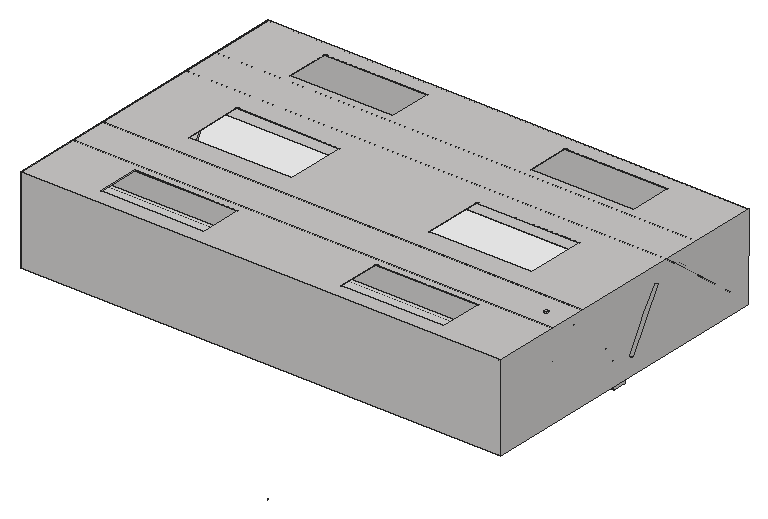
Revit family "QF_ELECTROLUXPROFESSIONAL_640236_STCF1828", category Specialty Equipment, Revit 2014
Reference planes
  plane 1: z = 0
  plane 2 "Center (Left/Right)": x = 150
  plane 3 "LEFT": x = -1250
  plane 4 "RIGHT": x = 1550
  plane 5 "BACK": y = 550
  plane 6 "TOP": z = 2500
  plane 7 "Base": z = 2000
  plane 8: z = 1955
  plane 9: x = -1247
  plane 10 "DrainX": x = 1430
  plane 11 "AOLeft2": x = -250
  plane 12 "AORight1": x = 550
  plane 13: x = 1547
  plane 14: x = -1050
  plane 15: x = 1350
  plane 16 "Center (Front/Back)": y = -350
  plane 17 "Front": y = -1250
  plane 18 "AOLeft1": x = -850
  plane 19 "AORight2": x = 1150
  plane 20 "EI_y": y = -770
  plane 21 "EIx": x = 1430
  plane 22: y = 464
  plane 23: y = 214
  plane 24: y = -1164
  plane 25: y = -914
  plane 26: y = -175
  plane 27: y = -525
Forms (mm)
  Extrusion 1, solid, material "QF_Finishes_Stainless Steel"
    sketch origin (-1250, 0, 360) x (0, 1, 0) y (0, 0, 1)
      loop
        line (550, 1640) -> (550, 2140) -> (-1250, 2140) -> (-1250, 1640) -> (550, 1640)
    from 0 to 3
  Extrusion 2, solid, material "QF_Finishes_Stainless Steel"
    sketch origin (1550, 0, 360) x (0, 1, 0) y (0, 0, 1)
      loop
        line (550, 1640) -> (550, 2140) -> (-1250, 2140) -> (-1250, 1640) -> (550, 1640)
    from 0 to -3
  Extrusion 3, solid, material "QF_Finishes_Stainless Steel"
    sketch origin (150, 0, 360) x (0, 1, 0) y (0, 0, 1)
      loop
        line (-1250, 2140) -> (-1250, 1640) -> (-1240, 1640) -> (-1240, 1640.8) -> (-1249.2, 1640.8) -> (-1249.2, 2139.19) -> (549.2, 2139.19) -> (549.2, 1640.8) -> (540, 1640.8) -> (540, 1640) -> (550, 1640) -> (550, 2140) -> (-1250, 2140)
    from -1400 to 1400
  Extrusion 4, solid, material "QF_Finishes_Stainless Steel"
    sketch origin (0, -840, 2000) x (0, 1, 0) y (-1, 0, 0)
      loop
        circle (490, -1430) r 4.763
    from -30 to 0
  Extrusion 5, void
    sketch origin (0, 0, 2500) x (0, 1, 0) y (-1, 0, 0)
      loop
        line (-1164, 250) -> (-914, 250) -> (-914, 850) -> (-1164, 850) -> (-1164, 250)
    from 0 to -10
  Extrusion 6, solid, material "QF_Finishes_Stainless Steel"
    sketch origin (0, 0, 0) x (1, 0, 0) y (0, 1, 0)
      loop
        line (-1250, 550) -> (-1250, 549) -> (-1249, 549) -> (-1249, 550) -> (-1250, 550)
    from 0 to 1
  Sweep 7, solid, material "QF_Finishes_Stainless Steel"
    path origin (0, 0, 0) x (1, 0, 0) y (0, 1, 0)
      loop
        line (1550, 550) -> (-1250, 550) -> (-1250, -1250) -> (1550, -1250) -> (1550, 550)
    profile origin (1550, -350, 0) x (1, 0, 0) y (0, 0, 1)
      loop
        line (-3, 2000) -> (-3, 2000.8) -> (-19, 2000.8) -> (-19, 2010) -> (-20, 2010) -> (-20, 2000) -> (-3, 2000)
  Extrusion 8, solid, material "QF_Finishes_Stainless Steel"
    sketch origin (150, -826.94, 0) x (0, 1, 0) y (0, 0, 1)
      loop
        line (414.66, 2095.469) -> (440.643, 2110.471) -> (261.744, 2411.771) -> (235.948, 2396.455) -> (414.66, 2095.469)
    from -1397 to -1200
  Extrusion 9, void
    sketch origin (1134.605, 0, 2500) x (0, 1, 0) y (-1, 0, 0)
      loop
        line (-1164, -15.395) -> (-914, -15.395) -> (-914, 584.605) -> (-1164, 584.605) -> (-1164, -15.395)
    from 0 to -10
  Extrusion 10, solid, material "QF_Finishes_Stainless Steel"
    sketch origin (1430, -840, 0) x (0, 1, 0) y (0, 0, 1)
      loop
        line (539, 2000) -> (441, 2000) -> (441, 1989) -> (448.5, 1989) -> (448.5, 1965)
        arc (448.5, 1965) -> (451.429, 1957.929) -> (458.5, 1955) r 10
        line (458.5, 1955) -> (521.5, 1955)
        arc (521.5, 1955) -> (528.571, 1957.929) -> (531.5, 1965) r 10
        line (531.5, 1965) -> (531.5, 1989) -> (539, 1989) -> (539, 2000)
    from 90 to -90
  Extrusion 11, solid, material "QF_Finishes_Stainless Steel"
    sketch origin (150, -826.94, 0) x (0, 1, 0) y (0, 0, 1)
      loop
        line (414.66, 2095.469) -> (440.643, 2110.471) -> (261.744, 2411.771) -> (235.948, 2396.455) -> (414.66, 2095.469)
    from 1200 to 1397
  Extrusion 12, solid, material "QF_Finished_Chrome"
    sketch origin (150, -826.94, 0) x (0, 1, 0) y (0, 0, 1)
      loop
        line (414.66, 2095.469) -> (440.643, 2110.471) -> (261.744, 2411.771) -> (235.948, 2396.455) -> (414.66, 2095.469)
    from -1200 to 1200
  Extrusion 13, void
    sketch origin (0, 1180, 2500) x (0, 1, 0) y (-1, 0, 0)
      loop
        line (-1355, 250) -> (-1355, 850) -> (-1705, 850) -> (-1705, 250) -> (-1355, 250)
    from 0 to -10
  Extrusion 14, void
    sketch origin (1600, 1180, 2500) x (0, 1, 0) y (-1, 0, 0)
      loop
        line (-1355, 450) -> (-1355, 1050) -> (-1705, 1050) -> (-1705, 450) -> (-1355, 450)
    from 0 to -10
  Extrusion 15, solid, material "QF_Finishes_Stainless Steel"
    sketch origin (0, 0, 2500) x (0, 1, 0) y (-1, 0, 0)
      loop
        circle (-770, -1430) r 10
    from 0 to 1.6
  Extrusion 16, solid, material "QF_Finishes_Stainless Steel"
    sketch origin (150, -826.94, 360) x (0, 1, 0) y (0, 0, 1)
      loop
        line (430.005, 1640) -> (476.94, 1640) -> (476.94, 1640.8) -> (430.467, 1640.8) -> (371.906, 1742.23) -> (414.858, 1734.657) -> (442.266, 1750.481) -> (442.266, 1765.943) -> (441.466, 1765.943) -> (441.466, 1750.943) -> (414.709, 1735.495) -> (321.153, 1751.991) -> (320.875, 1750.416) -> (371.4, 1741.507) -> (430.005, 1640)
      loop
        line (172.529, 2139.19) -> (242.893, 2017.316) -> (245.133, 2018.715) -> (240.13, 2027.381) -> (238.569, 2026.405) -> (173.453, 2139.19) -> (172.529, 2139.19)
    from -1397 to 1397
  Extrusion 17, solid, material "QF_LAMPS"
    sketch origin (150, 0, 360) x (0, 1, 0) y (0, 0, 1)
      loop
        line (-872.823, 1962.324) -> (-718.948, 2086.929) -> (-727.129, 2097.032) -> (-881.003, 1972.426) -> (-872.823, 1962.324)
    from 1397 to -1397
  Extrusion 18, solid, material "QF_Finishes_Stainless Steel"
    sketch origin (150, 0, 360) x (0, 1, 0) y (0, 0, 1)
      loop
        line (-1250, 2139.19) -> (-1250, 1640) -> (-1186.602, 1640) -> (-1099.146, 1690.493) -> (-1110.058, 1709.394) -> (-1166.564, 1676.77) -> (-1214.704, 1680.982) -> (-1249.2, 1730.248) -> (-1249.2, 2139.19) -> (-1250, 2139.19)
      loop
        line (-873.6, 1961.694) -> (-881.937, 1971.99) -> (-869.095, 1982.182) -> (-869.095, 2139.19) -> (-869.895, 2139.19) -> (-869.895, 1982.569) -> (-1182.298, 1734.63) -> (-1171.091, 1720.79) -> (-873.6, 1961.694)
      loop
        line (-727.61, 2099.216) -> (-718.171, 2087.559) -> (-654.411, 2139.19) -> (-655.682, 2139.19) -> (-718.052, 2088.684) -> (-726.989, 2099.719) -> (-727.61, 2099.216)
    from -1397 to 1397
  Extrusion 19, solid, material "QF_Finishes_Stainless Steel"
    sketch origin (150, 126.94, 360) x (0, -1, 0) y (0, 0, -1)
      loop
        line (430.005, -1640) -> (371.4, -1741.507) -> (320.875, -1750.416) -> (321.153, -1751.991) -> (414.709, -1735.495) -> (441.466, -1750.943) -> (441.466, -1765.943) -> (442.266, -1765.943) -> (442.266, -1750.481) -> (414.858, -1734.657) -> (371.906, -1742.23) -> (430.467, -1640.8) -> (476.94, -1640.8) -> (476.94, -1640) -> (430.005, -1640)
      loop
        line (172.529, -2139.19) -> (173.453, -2139.19) -> (238.569, -2026.405) -> (240.13, -2027.381) -> (245.133, -2018.715) -> (242.893, -2017.316) -> (172.529, -2139.19)
    from -1397 to 1397
  Extrusion 20, solid, material "QF_LAMPS"
    sketch origin (150, -700, 360) x (0, -1, 0) y (0, 0, -1)
      loop
        line (-872.823, -1962.324) -> (-881.003, -1972.426) -> (-727.129, -2097.032) -> (-718.948, -2086.929) -> (-872.823, -1962.324)
    from 1397 to -1397
  Extrusion 21, solid, material "QF_Finishes_Stainless Steel"
    sketch origin (150, -700, 360) x (0, -1, 0) y (0, 0, -1)
      loop
        line (-1250, -2139.19) -> (-1249.2, -2139.19) -> (-1249.2, -1730.248) -> (-1214.704, -1680.982) -> (-1166.564, -1676.77) -> (-1110.058, -1709.394) -> (-1099.146, -1690.493) -> (-1186.602, -1640) -> (-1250, -1640) -> (-1250, -2139.19)
      loop
        line (-873.6, -1961.694) -> (-1171.091, -1720.79) -> (-1182.298, -1734.63) -> (-869.895, -1982.569) -> (-869.895, -2139.19) -> (-869.095, -2139.19) -> (-869.095, -1982.182) -> (-881.937, -1971.99) -> (-873.6, -1961.694)
      loop
        line (-727.61, -2099.216) -> (-726.989, -2099.719) -> (-718.052, -2088.684) -> (-655.682, -2139.19) -> (-654.411, -2139.19) -> (-718.171, -2087.559) -> (-727.61, -2099.216)
    from -1397 to 1397
  Extrusion 22, solid, material "QF_Finishes_Stainless Steel"
    sketch origin (150, 126.94, 0) x (0, -1, 0) y (0, 0, -1)
      loop
        line (414.66, -2095.469) -> (235.948, -2396.455) -> (261.744, -2411.771) -> (440.643, -2110.471) -> (414.66, -2095.469)
    from -1397 to -1400
  Extrusion 23, solid, material "QF_Finishes_Stainless Steel"
    sketch origin (150, 126.94, 0) x (0, -1, 0) y (0, 0, -1)
      loop
        line (414.66, -2095.469) -> (235.948, -2396.455) -> (261.744, -2411.771) -> (440.643, -2110.471) -> (414.66, -2095.469)
    from 1400 to 1397
  Extrusion 24, solid, material "QF_Finished_Chrome"
    sketch origin (150, 126.94, 0) x (0, -1, 0) y (0, 0, -1)
      loop
        line (414.66, -2095.469) -> (235.948, -2396.455) -> (261.744, -2411.771) -> (440.643, -2110.471) -> (414.66, -2095.469)
    from -1200 to 1200
  Extrusion 25, void
    sketch origin (0, 814, 2500) x (0, 1, 0) y (-1, 0, 0)
      loop
        line (-600, 250) -> (-350, 250) -> (-350, 850) -> (-600, 850) -> (-600, 250)
    from 0 to -10
  Extrusion 26, void
    sketch origin (1134.605, 814, 2500) x (0, 1, 0) y (-1, 0, 0)
      loop
        line (-600, -15.395) -> (-350, -15.395) -> (-350, 584.605) -> (-600, 584.605) -> (-600, -15.395)
    from 0 to -10
  Extrusion 27, solid, material "QF_Finishes_Stainless Steel"
    sketch origin (150, 126.94, 0) x (0, -1, 0) y (0, 0, -1)
      loop
        line (414.66, -2095.469) -> (235.948, -2396.455) -> (261.744, -2411.771) -> (440.643, -2110.471) -> (414.66, -2095.469)
    from -1397 to -1200
  Extrusion 28, solid, material "QF_Finishes_Stainless Steel"
    sketch origin (150, 126.94, 0) x (0, -1, 0) y (0, 0, -1)
      loop
        line (414.66, -2095.469) -> (235.948, -2396.455) -> (261.744, -2411.771) -> (440.643, -2110.471) -> (414.66, -2095.469)
    from 1397 to 1200
Cuts and joins
  Extrusion 5, Extrusion 9, Extrusion 13, Extrusion 14, Extrusion 25, Extrusion 26 cuts Extrusion 3
  joined: Extrusion 2, Extrusion 3, Sweep 7
Lines and regions (mm)
  symbolic lines, style "SpecialityEquipment", detail levels coarse
    curve 1: line (1550, 550, 2500) -> (-1250, 550, 2500)
    curve 2: line (-1250, 550, 2500) -> (-1250, -1250, 2500)
    curve 3: line (1550, -1250, 2500) -> (1550, 550, 2500)
    curve 4: line (-1250, 550, 0) -> (1550, -1250, 0)
    curve 5: line (1550, 550, 0) -> (-1250, -1250, 0)
    curve 6: line (-1250, -1250, 0) -> (1550, -1250, 0)
  symbolic lines, detail levels coarse
    curve 7: line (-850, 464, 2500) -> (-250, 464, 2500)
    curve 8: line (-850, 214, 2500) -> (-850, 464, 2500)
    curve 9: line (-250, 214, 2500) -> (-850, 214, 2500)
    curve 10: line (-250, 464, 2500) -> (-250, 214, 2500)
    curve 11: line (550, 464, 2500) -> (1150, 464, 2500)
    curve 12: line (550, 214, 2500) -> (550, 464, 2500)
    curve 13: line (1150, 214, 2500) -> (550, 214, 2500)
    curve 14: line (1150, 464, 2500) -> (1150, 214, 2500)
    curve 15: line (550, -175, 2500) -> (1150, -175, 2500)
    curve 16: line (550, -525, 2500) -> (550, -175, 2500)
    curve 17: line (1150, -525, 2500) -> (550, -525, 2500)
    curve 18: line (1150, -175, 2500) -> (1150, -525, 2500)
    curve 19: line (550, -914, 2500) -> (1150, -914, 2500)
    curve 20: line (550, -1164, 2500) -> (550, -914, 2500)
    curve 21: line (1150, -1164, 2500) -> (550, -1164, 2500)
    curve 22: line (1150, -914, 2500) -> (1150, -1164, 2500)
    curve 23: line (-850, -914, 2500) -> (-250, -914, 2500)
    curve 24: line (-850, -1164, 2500) -> (-850, -914, 2500)
    curve 25: line (-250, -1164, 2500) -> (-850, -1164, 2500)
    curve 26: line (-250, -914, 2500) -> (-250, -1164, 2500)
    curve 27: line (-850, -175, 2500) -> (-250, -175, 2500)
    curve 28: line (-850, -525, 2500) -> (-850, -175, 2500)
    curve 29: line (-250, -525, 2500) -> (-850, -525, 2500)
    curve 30: line (-250, -175, 2500) -> (-250, -525, 2500)
Dimensions and locks
  plane 3 "LEFT" to plane 4 "RIGHT" = 2800 mm
  equal spacing: plane 3 "LEFT", plane 2 "Center (Left/Right)", plane 4 "RIGHT"
  plane 7 "Base" to plane 8 = 45 mm
  plane 3 "LEFT" to plane 9 = 3 mm
  plane 10 "DrainX" to plane 4 "RIGHT" = 120 mm
  plane 13 to plane 4 "RIGHT" = 3 mm
  plane 3 "LEFT" to plane 14 = 200 mm
  plane 15 to plane 4 "RIGHT" = 200 mm
  locked: plane 11 "AOLeft2" to plane 12 "AORight1" at 800
  equal spacing: plane 11 "AOLeft2", plane 2 "Center (Left/Right)", plane 12 "AORight1"
  locked: plane 7 "Base" to level at 2000
  locked: plane 6 "TOP" to plane 7 "Base" at 500
  equal spacing: plane 5 "BACK", plane 16 "Center (Front/Back)", plane 17 "Front"
  locked: plane 18 "AOLeft1" to plane 11 "AOLeft2" at 600
  locked: plane 12 "AORight1" to plane 19 "AORight2" at 600
  locked: plane 20 "EI_y" to plane 17 "Front" at 480
  locked: plane 21 "EIx" to plane 4 "RIGHT" at 120
  locked: plane 5 "BACK" to plane 22 at 86
  plane 22 to plane 23 = 250 mm
  locked: plane 24 to plane 17 "Front" at 86
  locked: plane 24 to plane 25 at 250
  plane 26 to plane 16 "Center (Front/Back)" = 175 mm
  plane 16 "Center (Front/Back)" to plane 27 = 175 mm
  locked: plane 5 "BACK" to plane 17 "Front" at 1800
  plane 5 "BACK" to plane 17 "Front" = 1800 mm
  plane 26 to plane 27 = 350 mm
  aligned and locked: level to plane 1
  aligned and locked: plane 4 "RIGHT" to Extrusion 3
  aligned and locked: Extrusion 3 to plane 3 "LEFT"
  aligned and locked: Extrusion 2 to plane 13
  aligned and locked: Extrusion 8 to plane 9
  aligned and locked: plane 18 "AOLeft1" to Extrusion 5
  aligned and locked: Extrusion 5 to plane 11 "AOLeft2"
  aligned and locked: Extrusion 9 to plane 19 "AORight2"
  aligned and locked: plane 12 "AORight1" to Extrusion 9
  aligned and locked: plane 14 to Extrusion 8
  aligned and locked: plane 15 to Extrusion 11
  aligned and locked: plane 13 to Extrusion 11
  aligned and locked: Extrusion 12 to plane 14
  aligned and locked: Extrusion 12 to plane 15
  aligned and locked: plane 12 "AORight1" to Extrusion 14
  aligned and locked: plane 19 "AORight2" to Extrusion 14
  aligned and locked: Extrusion 13 to plane 18 "AOLeft1"
  aligned and locked: Extrusion 13 to plane 11 "AOLeft2"
  aligned and locked: Extrusion 16 to plane 9
  aligned and locked: plane 13 to Extrusion 16
  aligned and locked: Extrusion 24 to plane 14
  aligned and locked: Extrusion 24 to plane 15
  aligned and locked: plane 24 to Extrusion 5
  aligned and locked: Extrusion 5 to plane 25
  aligned and locked: Extrusion 9 to plane 25
  aligned and locked: plane 24 to Extrusion 9
  aligned and locked: Extrusion 25 to plane 18 "AOLeft1"
  aligned and locked: Extrusion 25 to plane 11 "AOLeft2"
  aligned and locked: plane 12 "AORight1" to Extrusion 26
  aligned and locked: plane 19 "AORight2" to Extrusion 26
  aligned and locked: plane 26 to Extrusion 13
  aligned and locked: Extrusion 13 to plane 27
  aligned and locked: plane 26 to Extrusion 14
  aligned and locked: Extrusion 14 to plane 27
  aligned and locked: plane 22 to Extrusion 25
  aligned and locked: Extrusion 25 to plane 23
  aligned and locked: plane 22 to Extrusion 26
  aligned and locked: Extrusion 26 to plane 23
  aligned and locked: Extrusion 21 to plane 9
  aligned and locked: Extrusion 20 to plane 9
  aligned and locked: Extrusion 19 to plane 9
  aligned and locked: plane 9 to Extrusion 22
  aligned and locked: Extrusion 18 to plane 9
  aligned and locked: Extrusion 17 to plane 9
  aligned and locked: plane 13 to Extrusion 21
  aligned and locked: plane 13 to Extrusion 20
  aligned and locked: plane 13 to Extrusion 19
  aligned and locked: Extrusion 23 to plane 13
  aligned and locked: plane 13 to Extrusion 17
  aligned and locked: Extrusion 18 to plane 13
  aligned and locked: plane 14 to Extrusion 27
  aligned and locked: Extrusion 27 to plane 9
  aligned and locked: Extrusion 28 to plane 13
  aligned and locked: plane 15 to Extrusion 28
Automatic sketch dimensions
  curve 6 to plane 3 "LEFT" = 0 mm
  curve 4 to plane 3 "LEFT" = 0 mm
  curve 5 to plane 4 "RIGHT" = 0 mm
  curve 6 to plane 4 "RIGHT" = 0 mm
  curve 4 to plane 17 "Front" = 0 mm
  curve 5 to plane 5 "BACK" = 0 mm
  curve 4 to plane 5 "BACK" = 0 mm
  Extrusion 1 sketch curve to plane 7 "Base" = 0 mm
  Extrusion 1 sketch curve to plane 17 "Front" = 0 mm
  Extrusion 1 sketch curve to plane 5 "BACK" = 0 mm
  Extrusion 1 sketch curve to plane 6 "TOP" = 0 mm
  Extrusion 2 sketch curve to plane 7 "Base" = 0 mm
  Extrusion 2 sketch curve to plane 17 "Front" = 0 mm
  Extrusion 2 sketch curve to plane 5 "BACK" = 0 mm
  Extrusion 2 sketch curve to plane 6 "TOP" = 0 mm
  Extrusion 3 sketch curve to plane 6 "TOP" = 0 mm
  Extrusion 3 sketch curve to plane 17 "Front" = 0 mm
  Extrusion 3 sketch curve to plane 7 "Base" = 0 mm  (x2)
  Extrusion 3 sketch curve to plane 5 "BACK" = 0 mm
  plane 17 "Front" to Extrusion 3 sketch curve = 0.8 mm
  Extrusion 3 sketch curve to Extrusion 3 sketch curve = 9.2 mm
  plane 7 "Base" to Extrusion 3 sketch curve = 0.8 mm  (x2)
  Extrusion 3 sketch curve to plane 5 "BACK" = 10 mm
  Extrusion 3 sketch curve to plane 5 "BACK" = 0.8 mm
  Extrusion 3 sketch curve to plane 6 "TOP" = 0.81 mm
  Extrusion 4 sketch curve to plane 10 "DrainX" = 0 mm
  Extrusion 4 sketch curve to plane 16 "Center (Front/Back)" = 0 mm
  Extrusion 5 sketch curve to plane 18 "AOLeft1" = 0 mm
  plane 24 to Extrusion 5 sketch curve = 0 mm
  Extrusion 5 sketch curve to plane 11 "AOLeft2" = 0 mm
  plane 25 to Extrusion 5 sketch curve = 0 mm
  Extrusion 6 sketch curve to plane 3 "LEFT" = 0 mm
  Extrusion 6 sketch curve to plane 5 "BACK" = 0 mm
  plane 3 "LEFT" to Extrusion 6 sketch curve = 1 mm
  Extrusion 6 sketch curve to Extrusion 6 sketch curve = 1 mm
  Sweep 7 sketch curve to plane 3 "LEFT" = 0 mm
  Sweep 7 sketch curve to plane 4 "RIGHT" = 0 mm
  Sweep 7 sketch curve to plane 17 "Front" = 0 mm
  Sweep 7 sketch curve to plane 5 "BACK" = 0 mm
  profile plane to Sweep 7 sketch curve = 20 mm
  Sweep 7 sketch curve to Sweep 7 sketch curve = 1 mm
  profile plane to Sweep 7 sketch curve = 3 mm
  level to Sweep 7 sketch curve = 2000 mm
  Sweep 7 sketch curve to Sweep 7 sketch curve = 0.8 mm
  Sweep 7 sketch curve to Sweep 7 sketch curve = 9.2 mm
  Extrusion 8 sketch curve to plane 27 = 65.992 mm
  Extrusion 8 sketch curve to Extrusion 8 sketch curve = 25.795 mm
  Extrusion 8 sketch curve to plane 16 "Center (Front/Back)" = 62.28 mm
  Extrusion 8 sketch curve to Extrusion 8 sketch curve = 25.983 mm
  plane 7 "Base" to Extrusion 8 sketch curve = 95.469 mm
  Extrusion 8 sketch curve to Extrusion 8 sketch curve = 15.001 mm
  Extrusion 8 sketch curve to plane 6 "TOP" = 103.545 mm
  Extrusion 8 sketch curve to Extrusion 8 sketch curve = 15.316 mm
  Extrusion 9 sketch curve to plane 12 "AORight1" = 0 mm
  plane 24 to Extrusion 9 sketch curve = 0 mm
  Extrusion 9 sketch curve to plane 19 "AORight2" = 0 mm
  plane 25 to Extrusion 9 sketch curve = 0 mm
  Extrusion 10 sketch curve to plane 8 = 0 mm
  Extrusion 10 sketch curve to plane 7 "Base" = 11 mm  (x2)
  Extrusion 10 sketch curve to plane 16 "Center (Front/Back)" = 49 mm
  Extrusion 10 sketch curve to Extrusion 10 sketch curve = 7.5 mm  (x2)
  Extrusion 10 sketch curve to Extrusion 10 sketch curve = 10 mm  (x2)
  plane 16 "Center (Front/Back)" to Extrusion 10 sketch curve = 31.5 mm
  plane 7 "Base" to Extrusion 10 sketch curve = 0 mm
  Extrusion 11 sketch curve to plane 27 = 65.992 mm
  Extrusion 11 sketch curve to Extrusion 11 sketch curve = 25.795 mm
  Extrusion 11 sketch curve to plane 16 "Center (Front/Back)" = 62.28 mm
  Extrusion 11 sketch curve to Extrusion 11 sketch curve = 25.983 mm
  plane 7 "Base" to Extrusion 11 sketch curve = 95.469 mm
  Extrusion 11 sketch curve to Extrusion 11 sketch curve = 15.001 mm
  Extrusion 11 sketch curve to plane 6 "TOP" = 103.545 mm
  Extrusion 11 sketch curve to Extrusion 11 sketch curve = 15.316 mm
  Extrusion 12 sketch curve to plane 27 = 65.992 mm
  Extrusion 12 sketch curve to Extrusion 12 sketch curve = 25.795 mm
  Extrusion 12 sketch curve to plane 16 "Center (Front/Back)" = 62.28 mm
  Extrusion 12 sketch curve to Extrusion 12 sketch curve = 25.983 mm
  plane 7 "Base" to Extrusion 12 sketch curve = 95.469 mm
  Extrusion 12 sketch curve to Extrusion 12 sketch curve = 15.001 mm
  Extrusion 12 sketch curve to plane 6 "TOP" = 103.545 mm
  Extrusion 12 sketch curve to Extrusion 12 sketch curve = 15.316 mm
  Extrusion 13 sketch curve to plane 11 "AOLeft2" = 0 mm
  Extrusion 13 sketch curve to plane 27 = 0 mm
  Extrusion 13 sketch curve to plane 26 = 0 mm
  Extrusion 13 sketch curve to plane 18 "AOLeft1" = 0 mm
  Extrusion 14 sketch curve to plane 19 "AORight2" = 0 mm
  Extrusion 14 sketch curve to plane 27 = 0 mm
  Extrusion 14 sketch curve to plane 26 = 0 mm
  Extrusion 14 sketch curve to plane 12 "AORight1" = 0 mm
  Extrusion 15 sketch curve to plane 20 "EI_y" = 0 mm
  Extrusion 15 sketch curve to plane 21 "EIx" = 0 mm
  Extrusion 16 sketch curve to plane 7 "Base" = 0 mm
  Extrusion 16 sketch curve to plane 6 "TOP" = 0.81 mm
  plane 20 "EI_y" to Extrusion 16 sketch curve = 115.589 mm
  Extrusion 16 sketch curve to Extrusion 16 sketch curve = 0.924 mm
  Extrusion 16 sketch curve to plane 27 = 63.371 mm
  Extrusion 16 sketch curve to Extrusion 16 sketch curve = 1.561 mm
  Extrusion 16 sketch curve to Extrusion 16 sketch curve = 4.324 mm
  Extrusion 16 sketch curve to Extrusion 16 sketch curve = 2.24 mm
  plane 27 to Extrusion 16 sketch curve = 18.935 mm
  Extrusion 16 sketch curve to Extrusion 16 sketch curve = 0.278 mm
  Extrusion 16 sketch curve to Extrusion 16 sketch curve = 50.525 mm
  Extrusion 16 sketch curve to Extrusion 16 sketch curve = 0.506 mm
  Extrusion 16 sketch curve to Extrusion 16 sketch curve = 42.803 mm
  Extrusion 16 sketch curve to Extrusion 16 sketch curve = 0.148 mm
  Extrusion 16 sketch curve to plane 16 "Center (Front/Back)" = 46.935 mm
  plane 7 "Base" to Extrusion 16 sketch curve = 0.8 mm
  Extrusion 16 sketch curve to Extrusion 16 sketch curve = 0.462 mm  (x2)
  Extrusion 16 sketch curve to Extrusion 16 sketch curve = 46.473 mm
  Extrusion 16 sketch curve to plane 16 "Center (Front/Back)" = 35.474 mm
  Extrusion 16 sketch curve to Extrusion 16 sketch curve = 0.8 mm
  plane 7 "Base" to Extrusion 16 sketch curve = 94.657 mm
  Extrusion 16 sketch curve to Extrusion 16 sketch curve = 0.838 mm
  Extrusion 16 sketch curve to Extrusion 16 sketch curve = 6.012 mm
  Extrusion 16 sketch curve to Extrusion 16 sketch curve = 0.723 mm
  Extrusion 16 sketch curve to Extrusion 16 sketch curve = 14.986 mm
  Extrusion 16 sketch curve to Extrusion 16 sketch curve = 15 mm
  Extrusion 16 sketch curve to plane 6 "TOP" = 122.684 mm
  Extrusion 16 sketch curve to Extrusion 16 sketch curve = 1.399 mm
  Extrusion 16 sketch curve to Extrusion 16 sketch curve = 9.089 mm
  Extrusion 16 sketch curve to Extrusion 16 sketch curve = 0.975 mm
  Extrusion 17 sketch curve to plane 25 = 32.997 mm
  Extrusion 17 sketch curve to Extrusion 17 sketch curve = 8.181 mm  (x2)
  plane 20 "EI_y" to Extrusion 17 sketch curve = 42.871 mm
  Extrusion 17 sketch curve to plane 6 "TOP" = 177.676 mm
  Extrusion 17 sketch curve to Extrusion 17 sketch curve = 10.102 mm
  Extrusion 17 sketch curve to plane 6 "TOP" = 53.071 mm
  Extrusion 17 sketch curve to Extrusion 17 sketch curve = 10.103 mm
  Extrusion 18 sketch curve to plane 7 "Base" = 0 mm
  Extrusion 18 sketch curve to plane 17 "Front" = 0 mm
  Extrusion 18 sketch curve to Extrusion 18 sketch curve = 0.8 mm  (x2)
  plane 17 "Front" to Extrusion 18 sketch curve = 35.296 mm
  plane 24 to Extrusion 18 sketch curve = 22.602 mm
  plane 24 to Extrusion 18 sketch curve = 18.298 mm
  plane 24 to Extrusion 18 sketch curve = 7.091 mm
  plane 24 to Extrusion 18 sketch curve = 2.564 mm
  Extrusion 18 sketch curve to plane 24 = 53.942 mm
  Extrusion 18 sketch curve to Extrusion 18 sketch curve = 10.912 mm
  Extrusion 18 sketch curve to plane 25 = 32.063 mm
  Extrusion 18 sketch curve to Extrusion 18 sketch curve = 8.337 mm
  Extrusion 18 sketch curve to Extrusion 18 sketch curve = 12.042 mm
  plane 20 "EI_y" to Extrusion 18 sketch curve = 42.39 mm
  Extrusion 18 sketch curve to Extrusion 18 sketch curve = 0.622 mm
  Extrusion 18 sketch curve to Extrusion 18 sketch curve = 9.44 mm
  Extrusion 18 sketch curve to Extrusion 18 sketch curve = 0.118 mm
  Extrusion 18 sketch curve to plane 6 "TOP" = 0.81 mm  (x3)
  Extrusion 18 sketch curve to Extrusion 18 sketch curve = 62.37 mm
  Extrusion 18 sketch curve to Extrusion 18 sketch curve = 1.271 mm
  plane 7 "Base" to Extrusion 18 sketch curve = 36.77 mm
  plane 7 "Base" to Extrusion 18 sketch curve = 40.982 mm
  plane 7 "Base" to Extrusion 18 sketch curve = 50.493 mm
  Extrusion 18 sketch curve to Extrusion 18 sketch curve = 18.901 mm
  Extrusion 18 sketch curve to Extrusion 18 sketch curve = 44.02 mm
  Extrusion 18 sketch curve to Extrusion 18 sketch curve = 49.266 mm
  Extrusion 18 sketch curve to Extrusion 18 sketch curve = 13.84 mm
  Extrusion 18 sketch curve to plane 6 "TOP" = 178.306 mm
  Extrusion 18 sketch curve to Extrusion 18 sketch curve = 10.296 mm
  Extrusion 18 sketch curve to Extrusion 18 sketch curve = 10.192 mm
  Extrusion 18 sketch curve to Extrusion 18 sketch curve = 0.386 mm
  Extrusion 18 sketch curve to plane 6 "TOP" = 52.441 mm
  Extrusion 18 sketch curve to Extrusion 18 sketch curve = 1.125 mm
  Extrusion 19 sketch curve to plane 7 "Base" = 0 mm
  plane 6 "TOP" to Extrusion 19 sketch curve = 0.81 mm
  Extrusion 19 sketch curve to plane 26 = 129.411 mm
  Extrusion 19 sketch curve to Extrusion 19 sketch curve = 0.924 mm
  Extrusion 19 sketch curve to plane 26 = 63.371 mm
  Extrusion 19 sketch curve to Extrusion 19 sketch curve = 1.561 mm
  Extrusion 19 sketch curve to Extrusion 19 sketch curve = 4.324 mm
  Extrusion 19 sketch curve to Extrusion 19 sketch curve = 2.24 mm
  plane 26 to Extrusion 19 sketch curve = 18.935 mm
  Extrusion 19 sketch curve to Extrusion 19 sketch curve = 0.278 mm
  Extrusion 19 sketch curve to Extrusion 19 sketch curve = 50.525 mm
  Extrusion 19 sketch curve to Extrusion 19 sketch curve = 0.506 mm
  Extrusion 19 sketch curve to Extrusion 19 sketch curve = 42.803 mm
  Extrusion 19 sketch curve to Extrusion 19 sketch curve = 0.148 mm
  Extrusion 19 sketch curve to plane 16 "Center (Front/Back)" = 46.935 mm
  Extrusion 19 sketch curve to plane 7 "Base" = 0.8 mm
  Extrusion 19 sketch curve to Extrusion 19 sketch curve = 0.462 mm  (x2)
  Extrusion 19 sketch curve to Extrusion 19 sketch curve = 46.473 mm
  Extrusion 19 sketch curve to plane 16 "Center (Front/Back)" = 35.474 mm
  Extrusion 19 sketch curve to Extrusion 19 sketch curve = 0.8 mm
  Extrusion 19 sketch curve to plane 7 "Base" = 94.657 mm
  Extrusion 19 sketch curve to Extrusion 19 sketch curve = 0.838 mm
  Extrusion 19 sketch curve to Extrusion 19 sketch curve = 6.012 mm
  Extrusion 19 sketch curve to Extrusion 19 sketch curve = 0.723 mm
  Extrusion 19 sketch curve to Extrusion 19 sketch curve = 14.986 mm
  Extrusion 19 sketch curve to Extrusion 19 sketch curve = 15 mm
  plane 6 "TOP" to Extrusion 19 sketch curve = 122.684 mm
  Extrusion 19 sketch curve to Extrusion 19 sketch curve = 1.399 mm
  Extrusion 19 sketch curve to Extrusion 19 sketch curve = 9.089 mm
  Extrusion 19 sketch curve to Extrusion 19 sketch curve = 0.975 mm
  plane 23 to Extrusion 20 sketch curve = 32.997 mm
  Extrusion 20 sketch curve to Extrusion 20 sketch curve = 8.181 mm  (x2)
  plane 6 "TOP" to Extrusion 20 sketch curve = 42.968 mm
  plane 23 to Extrusion 20 sketch curve = 186.871 mm
  plane 6 "TOP" to Extrusion 20 sketch curve = 53.071 mm
  plane 6 "TOP" to Extrusion 20 sketch curve = 167.574 mm
  Extrusion 20 sketch curve to Extrusion 20 sketch curve = 10.102 mm
  Extrusion 21 sketch curve to plane 5 "BACK" = 0 mm
  Extrusion 21 sketch curve to plane 7 "Base" = 0 mm
  Extrusion 21 sketch curve to Extrusion 21 sketch curve = 0.8 mm  (x2)
  plane 5 "BACK" to Extrusion 21 sketch curve = 35.296 mm
  Extrusion 21 sketch curve to plane 22 = 22.602 mm
  Extrusion 21 sketch curve to plane 22 = 18.298 mm
  Extrusion 21 sketch curve to plane 22 = 7.091 mm
  Extrusion 21 sketch curve to plane 22 = 2.564 mm
  plane 22 to Extrusion 21 sketch curve = 53.942 mm
  Extrusion 21 sketch curve to Extrusion 21 sketch curve = 10.912 mm
  plane 23 to Extrusion 21 sketch curve = 32.063 mm
  Extrusion 21 sketch curve to Extrusion 21 sketch curve = 8.337 mm
  Extrusion 21 sketch curve to Extrusion 21 sketch curve = 12.042 mm
  plane 6 "TOP" to Extrusion 21 sketch curve = 40.784 mm
  Extrusion 21 sketch curve to Extrusion 21 sketch curve = 141.485 mm
  plane 6 "TOP" to Extrusion 21 sketch curve = 40.281 mm
  Extrusion 21 sketch curve to Extrusion 21 sketch curve = 0.622 mm
  plane 6 "TOP" to Extrusion 21 sketch curve = 52.441 mm
  plane 6 "TOP" to Extrusion 21 sketch curve = 51.316 mm
  plane 6 "TOP" to Extrusion 21 sketch curve = 0.81 mm  (x3)
  Extrusion 21 sketch curve to Extrusion 21 sketch curve = 62.37 mm
  Extrusion 21 sketch curve to Extrusion 21 sketch curve = 1.271 mm
  Extrusion 21 sketch curve to plane 7 "Base" = 36.77 mm
  Extrusion 21 sketch curve to plane 7 "Base" = 40.982 mm
  Extrusion 21 sketch curve to plane 7 "Base" = 50.493 mm
  Extrusion 21 sketch curve to Extrusion 21 sketch curve = 18.901 mm
  Extrusion 21 sketch curve to Extrusion 21 sketch curve = 44.02 mm
  Extrusion 21 sketch curve to Extrusion 21 sketch curve = 49.266 mm
  Extrusion 21 sketch curve to Extrusion 21 sketch curve = 13.84 mm
  plane 6 "TOP" to Extrusion 21 sketch curve = 178.306 mm
  Extrusion 21 sketch curve to Extrusion 21 sketch curve = 10.296 mm
  Extrusion 21 sketch curve to Extrusion 21 sketch curve = 10.192 mm
  Extrusion 21 sketch curve to Extrusion 21 sketch curve = 0.386 mm
  Extrusion 22 sketch curve to plane 26 = 65.992 mm
  Extrusion 22 sketch curve to Extrusion 22 sketch curve = 25.795 mm
  Extrusion 22 sketch curve to plane 16 "Center (Front/Back)" = 62.28 mm
  Extrusion 22 sketch curve to Extrusion 22 sketch curve = 25.983 mm
  Extrusion 22 sketch curve to plane 7 "Base" = 95.469 mm
  Extrusion 22 sketch curve to Extrusion 22 sketch curve = 15.001 mm
  plane 6 "TOP" to Extrusion 22 sketch curve = 103.545 mm
  Extrusion 22 sketch curve to Extrusion 22 sketch curve = 15.316 mm
  Extrusion 23 sketch curve to plane 26 = 65.992 mm
  Extrusion 23 sketch curve to Extrusion 23 sketch curve = 25.795 mm
  Extrusion 23 sketch curve to plane 16 "Center (Front/Back)" = 62.28 mm
  Extrusion 23 sketch curve to Extrusion 23 sketch curve = 25.983 mm
  Extrusion 23 sketch curve to plane 7 "Base" = 95.469 mm
  Extrusion 23 sketch curve to Extrusion 23 sketch curve = 15.001 mm
  plane 6 "TOP" to Extrusion 23 sketch curve = 103.545 mm
  Extrusion 23 sketch curve to Extrusion 23 sketch curve = 15.316 mm
  Extrusion 24 sketch curve to plane 26 = 65.992 mm
  Extrusion 24 sketch curve to Extrusion 24 sketch curve = 25.795 mm
  Extrusion 24 sketch curve to plane 16 "Center (Front/Back)" = 62.28 mm
  Extrusion 24 sketch curve to Extrusion 24 sketch curve = 25.983 mm
  Extrusion 24 sketch curve to plane 7 "Base" = 95.469 mm
  Extrusion 24 sketch curve to Extrusion 24 sketch curve = 15.001 mm
  plane 6 "TOP" to Extrusion 24 sketch curve = 103.545 mm
  Extrusion 24 sketch curve to Extrusion 24 sketch curve = 15.316 mm
  Extrusion 25 sketch curve to plane 18 "AOLeft1" = 0 mm
  Extrusion 25 sketch curve to plane 23 = 0 mm
  Extrusion 25 sketch curve to plane 11 "AOLeft2" = 0 mm
  Extrusion 25 sketch curve to plane 22 = 0 mm
  Extrusion 26 sketch curve to plane 12 "AORight1" = 0 mm
  Extrusion 26 sketch curve to plane 23 = 0 mm
  Extrusion 26 sketch curve to plane 19 "AORight2" = 0 mm
  Extrusion 26 sketch curve to plane 22 = 0 mm
  Extrusion 27 sketch curve to plane 26 = 65.992 mm
  Extrusion 27 sketch curve to Extrusion 27 sketch curve = 25.795 mm
  Extrusion 27 sketch curve to plane 16 "Center (Front/Back)" = 62.28 mm
  Extrusion 27 sketch curve to Extrusion 27 sketch curve = 25.983 mm
  Extrusion 27 sketch curve to plane 7 "Base" = 95.469 mm
  Extrusion 27 sketch curve to Extrusion 27 sketch curve = 15.001 mm
  plane 6 "TOP" to Extrusion 27 sketch curve = 103.545 mm
  Extrusion 27 sketch curve to Extrusion 27 sketch curve = 15.316 mm
  Extrusion 28 sketch curve to plane 26 = 65.992 mm
  Extrusion 28 sketch curve to Extrusion 28 sketch curve = 25.795 mm
  Extrusion 28 sketch curve to plane 16 "Center (Front/Back)" = 62.28 mm
  Extrusion 28 sketch curve to Extrusion 28 sketch curve = 25.983 mm
  Extrusion 28 sketch curve to plane 7 "Base" = 95.469 mm
  Extrusion 28 sketch curve to Extrusion 28 sketch curve = 15.001 mm
  plane 6 "TOP" to Extrusion 28 sketch curve = 103.545 mm
  Extrusion 28 sketch curve to Extrusion 28 sketch curve = 15.316 mm
  curve 2 to plane 3 "LEFT" = 0 mm
  curve 2 to plane 17 "Front" = 0 mm
  curve 3 to plane 4 "RIGHT" = 0 mm
  curve 3 to plane 17 "Front" = 0 mm
  curve 20 to plane 12 "AORight1" = 0 mm
  plane 24 to curve 20 = 0 mm
  curve 24 to plane 18 "AOLeft1" = 0 mm
  plane 24 to curve 24 = 0 mm
  plane 25 to curve 24 = 0 mm
  plane 25 to curve 19 = 0 mm
  curve 29 to plane 11 "AOLeft2" = 0 mm
  curve 29 to plane 27 = 0 mm
  curve 17 to plane 12 "AORight1" = 0 mm
  curve 17 to plane 27 = 0 mm
  curve 16 to plane 26 = 0 mm
  curve 27 to plane 26 = 0 mm
  curve 12 to plane 12 "AORight1" = 0 mm
  curve 12 to plane 23 = 0 mm
  curve 10 to plane 11 "AOLeft2" = 0 mm
  curve 10 to plane 23 = 0 mm
  curve 8 to plane 18 "AOLeft1" = 0 mm
  curve 8 to plane 22 = 0 mm
  curve 11 to plane 22 = 0 mm
  curve 1 to plane 5 "BACK" = 0 mm
  curve 15 to plane 19 "AORight2" = 0 mm
  curve 22 to plane 19 "AORight2" = 0 mm
  curve 14 to plane 19 "AORight2" = 0 mm
  curve 26 to plane 11 "AOLeft2" = 0 mm
  curve 29 to plane 18 "AOLeft1" = 0 mm
  radius of Extrusion 4 sketch curve = 4.763 mm
  radius of Extrusion 15 sketch curve = 10 mm
Connectors
  piping at (1430, -350, 1970), diameter 9.5
    settings: on Extrusion 4, index 1, connector inside diameter 609.6 mm, connector length 0 mm, flow factor 0, pipe flow 0.0 L/s, pressure drop 0.0 Pa, fitting loss kfactor 0, connector angle 0.00°, fixture units 0, engagement length 0 mm, angle of deflection 0.00°, flow configuration 1, flow direction 2, fitting loss method 0, system type 16, joint type 0, gender type 0, connector reference index -1, connector utility 0, adjustable connector no, is connector primary yes, connector description "Drain"
  hvac at (-550, -1039, 2500)
    settings: on Extrusion 5, index 2, duct flow 0.0 L/s, flow factor 0, pres drop 0.0 Pa, loss coef 0, conn angle 0.00°, conn width 250 mm, conn height 600 mm, conn diameter 609.6 mm, duct sys type 1, conn prof type 1, flow config 1, flow direction 1, loss method 0, conn ref index -1, conn util no, is conn primary yes, conn desc "AIR INLET"
  hvac at (850, -1039, 2500)
    settings: on Extrusion 9, index 3, duct flow 0.0 L/s, flow factor 0, pres drop 0.0 Pa, loss coef 0, conn angle 0.00°, conn width 250 mm, conn height 600 mm, conn diameter 609.6 mm, duct sys type 1, conn prof type 1, flow config 1, flow direction 1, loss method 0, conn ref index -1, conn util no, is conn primary no, conn desc "AIR INLET"
  hvac at (-550, -350, 2500)
    settings: on Extrusion 13, index 4, duct flow 0.0 L/s, flow factor 0, pres drop 0.0 Pa, loss coef 0, conn angle 0.00°, conn width 350 mm, conn height 600 mm, conn diameter 609.6 mm, duct sys type 3, conn prof type 1, flow config 1, flow direction 2, loss method 0, conn ref index -1, conn util no, is conn primary no, conn desc "EXHAUST OUTLET"
  hvac at (850, -350, 2500)
    settings: on Extrusion 14, index 5, duct flow 0.0 L/s, flow factor 0, pres drop 0.0 Pa, loss coef 0, conn angle 0.00°, conn width 350 mm, conn height 600 mm, conn diameter 609.6 mm, duct sys type 3, conn prof type 1, flow config 1, flow direction 2, loss method 0, conn ref index -1, conn util no, is conn primary no, conn desc "EXHAUST OUTLET"
  electrical at (1430, -770, 2501.6)
    settings: on Extrusion 15, index 6, voltage 0 V, apparent load 0 VA, apparent load phase1 0 VA, apparent load phase2 0 VA, apparent load phase3 0 VA, power factor 1, load classification "Other", number of poles 1, system type 30, power factor state 1, is connector primary yes, connector utility no, sub classification motor no, connector description "Electrical Connection"
  hvac at (-550, 339, 2500)
    settings: on Extrusion 25, index 7, duct flow 0.0 L/s, flow factor 0, pres drop 0.0 Pa, loss coef 0, conn angle 0.00°, conn width 250 mm, conn height 600 mm, conn diameter 609.6 mm, duct sys type 1, conn prof type 1, flow config 1, flow direction 1, loss method 0, conn ref index -1, conn util no, is conn primary no, conn desc "AIR INLET"
  hvac at (850, 339, 2500)
    settings: on Extrusion 26, index 8, duct flow 0.0 L/s, flow factor 0, pres drop 0.0 Pa, loss coef 0, conn angle 0.00°, conn width 250 mm, conn height 600 mm, conn diameter 609.6 mm, duct sys type 1, conn prof type 1, flow config 1, flow direction 1, loss method 0, conn ref index -1, conn util no, is conn primary no, conn desc "AIR INLET"
